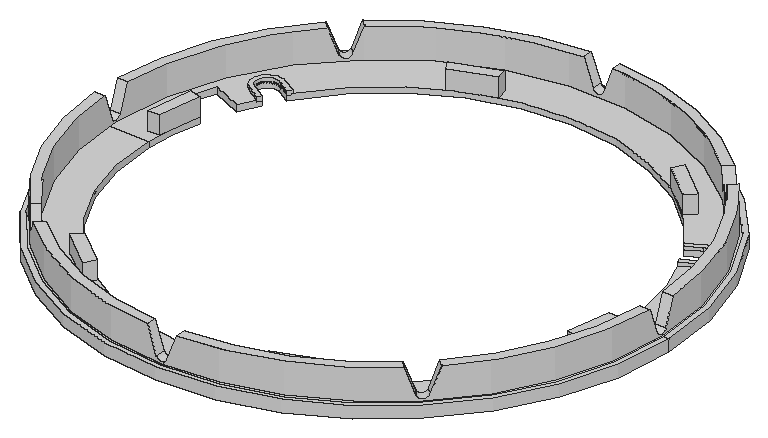
Revit family "A5-C3", category Plumbing Fixtures, Revit 2018
Family settings
  Round Connector Dimension = Use Diameter
  Part Type = Normal
  Work Plane-Based = No
  Always vertical = Yes
  Cut with Voids When Loaded = No
  Shared = No
  Room Calculation Point = No
Parameters (values of type "A5-C3")
  URL = "WWW.MIFAB.COM"
  Model = "A5-C3"
  Manufacturer = "MIFAB"
  Description = "A5-C3 MEMBRANE CLAMP FOR\r\nMEDIUM ROOF DRAINS"
Reference planes (in)
  plane 1 "Center (Front/Back)": y = 0
  plane 2: z = 0
  plane 3 "Center (Left/Right)": x = 0
  plane 4: x = -6
  plane 5: x = 6
  plane 6: y = 6
  plane 7: y = -6
Forms (in)
  Revolve 1, solid, material "Steel"
    sketch origin (0, 0, 0) x (1, 0, 0) y (0, 0, 1)
      loop
        line (6, 0.25) -> (5.90463, 0.25) -> (5.90463, 0.125) -> (4.95936, 0.125) -> (4.95936, 0) -> (6, 0) -> (6, 0.25)
      axis (0, 0.25) -> (0, 0)
    angle from 0 to 360
  Extrusion 2, solid, material "Steel"
    sketch origin (0, 0, 0) x (1, 0, 0) y (0, 1, 0)
      loop
        line (0.22227, -4.95232) -> (0.22227, -5.26584)
        arc (0.22227, -5.26584) -> (0, -5.48812) -> (-0.22227, -5.26584) r 0.22227
        line (-0.22227, -5.26584) -> (-0.22227, -4.95232)
        arc (-0.22227, -4.95232) -> (-0.2692, -4.9475) -> (-0.31602, -4.94176) r 2.40463
        line (-0.31602, -4.94176) -> (-0.31602, -5.26584)
        arc (-0.31602, -5.26584) -> (0, -5.58187) -> (0.31602, -5.26584) r 0.31602
        line (0.31602, -5.26584) -> (0.31602, -4.94176)
        arc (0.31602, -4.94176) -> (0.2692, -4.9475) -> (0.22227, -4.95232) r 2.40463
    from 0.09375 to 0.19243
  Extrusion 3, void
    sketch origin (0, 0, 0) x (1, 0, 0) y (0, 1, 0)
      loop
        line (-0.22227, -4.7025) -> (-0.22227, -5.26584)
        arc (-0.22227, -5.26584) -> (0, -5.48812) -> (0.22227, -5.26584) r 0.22227
        line (0.22227, -5.26584) -> (0.22227, -4.6905)
        arc (0.22227, -4.6905) -> (0.00028, -4.7068) -> (-0.22227, -4.7025) r 2.40463
    from 0 to 0.14825
  Extrusion 4, solid, material "Steel"
    sketch origin (0, 0, 0) x (-0.5, 0.866025, 0) y (-0.866025, -0.5, 0)
      loop
        line (0.22227, -4.95232) -> (0.22227, -5.26584)
        arc (0.22227, -5.26584) -> (0, -5.48812) -> (-0.22227, -5.26584) r 0.22227
        line (-0.22227, -5.26584) -> (-0.22227, -4.95232)
        arc (-0.22227, -4.95232) -> (-0.2692, -4.9475) -> (-0.31602, -4.94176) r 2.40463
        line (-0.31602, -4.94176) -> (-0.31602, -5.26584)
        arc (-0.31602, -5.26584) -> (0, -5.58187) -> (0.31602, -5.26584) r 0.31602
        line (0.31602, -5.26584) -> (0.31602, -4.94176)
        arc (0.31602, -4.94176) -> (0.2692, -4.9475) -> (0.22227, -4.95232) r 2.40463
    from 0.09375 to 0.19243
  Extrusion 5, void
    sketch origin (0, 0, 0) x (-0.5, 0.866025, 0) y (-0.866025, -0.5, 0)
      loop
        line (-0.22227, -4.59549) -> (-0.22227, -5.26584)
        arc (-0.22227, -5.26584) -> (0, -5.48812) -> (0.22227, -5.26584) r 0.22227
        line (0.22227, -5.26584) -> (0.22227, -4.59826)
        arc (0.22227, -4.59826) -> (-0.00006, -4.60717) -> (-0.22227, -4.59549) r 2.40463
    from 0 to 0.19243
  Extrusion 6, solid, material "Steel"
    sketch origin (0, 0, 0) x (0.5, 0.866025, 0) y (-0.866025, 0.5, 0)
      loop
        arc (0.22227, 4.95232) -> (0.2692, 4.9475) -> (0.31602, 4.94176) r 2.40463
        line (0.31602, 4.94176) -> (0.31602, 5.26584)
        arc (0.31602, 5.26584) -> (0, 5.58187) -> (-0.31602, 5.26584) r 0.31602
        line (-0.31602, 5.26584) -> (-0.31602, 4.94176)
        arc (-0.31602, 4.94176) -> (-0.2692, 4.9475) -> (-0.22227, 4.95232) r 2.40463
        line (-0.22227, 4.95232) -> (-0.22227, 5.26584)
        arc (-0.22227, 5.26584) -> (0, 5.48812) -> (0.22227, 5.26584) r 0.22227
        line (0.22227, 5.26584) -> (0.22227, 4.95232)
    from 0.09375 to 0.19243
  Extrusion 7, void
    sketch origin (0, 0, 0) x (0.5, 0.866025, 0) y (-0.866025, 0.5, 0)
      loop
        arc (-0.22227, 4.79962) -> (-0.00012, 4.81247) -> (0.22227, 4.80473) r 2.40463
        line (0.22227, 4.80473) -> (0.22227, 5.26584)
        arc (0.22227, 5.26584) -> (0, 5.48812) -> (-0.22227, 5.26584) r 0.22227
        line (-0.22227, 5.26584) -> (-0.22227, 4.79962)
    from 0 to 0.19243
  Revolve 8, solid, material "Steel"
    sketch origin (0, 0, 0) x (1, 0, 0) y (0, 0, 1)
      loop
        line (-5.64232, 0.25) -> (-5.64232, 0.88105) -> (-5.84874, 0.88105) -> (-5.84874, 0.25) -> (-5.64232, 0.25)
      axis (0, 0.25) -> (0, 0.88105)
    angle from 0 to 360
  Extrusion 9, void
    sketch origin (0, 0, 0.03125) x (0, 1, 0) y (0, 0, 1)
      loop
        arc (-0.11662, 0.32883) -> (0, 0.24717) -> (0.11662, 0.32883) r 0.12411
        line (0.11662, 0.32883) -> (0.31761, 0.88105) -> (-0.31761, 0.88105) -> (-0.11662, 0.32883)
    from 5.42052 to 5.87995
  Extrusion 10, void
    sketch origin (0, 0, 0.03125) x (0.707107, 0.707107, 0) y (0, 0, 1)
      loop
        arc (-0.11662, 0.32883) -> (0, 0.24717) -> (0.11662, 0.32883) r 0.12411
        line (0.11662, 0.32883) -> (0.31761, 0.88105) -> (-0.31761, 0.88105) -> (-0.11662, 0.32883)
    from 5.42052 to 5.87995
  Extrusion 11, void
    sketch origin (0, 0, 0.03125) x (-0.707107, 0.707107, 0) y (0, 0, 1)
      loop
        arc (-0.11662, 0.32883) -> (0, 0.24717) -> (0.11662, 0.32883) r 0.12411
        line (0.11662, 0.32883) -> (0.31761, 0.88105) -> (-0.31761, 0.88105) -> (-0.11662, 0.32883)
    from 5.42052 to 5.87995
  Extrusion 12, void
    sketch origin (0, 0, 0.03125) x (-1, 0, 0) y (0, 0, 1)
      loop
        arc (-0.11662, 0.32883) -> (0, 0.24717) -> (0.11662, 0.32883) r 0.12411
        line (0.11662, 0.32883) -> (0.31761, 0.88105) -> (-0.31761, 0.88105) -> (-0.11662, 0.32883)
    from 5.42052 to 5.87995
  Extrusion 13, void
    sketch origin (0, 0, 0.03125) x (-0.707107, -0.707107, 0) y (0, 0, 1)
      loop
        arc (-0.11662, 0.32883) -> (0, 0.24717) -> (0.11662, 0.32883) r 0.12411
        line (0.11662, 0.32883) -> (0.31761, 0.88105) -> (-0.31761, 0.88105) -> (-0.11662, 0.32883)
    from 5.42052 to 5.87995
  Extrusion 14, void
    sketch origin (0, 0, 0.03125) x (0, -1, 0) y (0, 0, 1)
      loop
        arc (-0.11662, 0.32883) -> (0, 0.24717) -> (0.11662, 0.32883) r 0.12411
        line (0.11662, 0.32883) -> (0.31761, 0.88105) -> (-0.31761, 0.88105) -> (-0.11662, 0.32883)
    from 5.42052 to 5.87995
  Extrusion 15, void
    sketch origin (0, 0, 0.03125) x (0.707107, -0.707107, 0) y (0, 0, 1)
      loop
        arc (-0.11662, 0.32883) -> (0, 0.24717) -> (0.11662, 0.32883) r 0.12411
        line (0.11662, 0.32883) -> (0.31761, 0.88105) -> (-0.31761, 0.88105) -> (-0.11662, 0.32883)
    from 5.42052 to 5.87995
  Extrusion 16, void
    sketch origin (0, 0, 0.03125) x (1, 0, 0) y (0, 0, 1)
      loop
        arc (-0.11662, 0.32883) -> (0, 0.24717) -> (0.11662, 0.32883) r 0.12411
        line (0.11662, 0.32883) -> (0.31761, 0.88105) -> (-0.31761, 0.88105) -> (-0.11662, 0.32883)
    from 5.42052 to 5.87995
  Extrusion 17, void
    sketch origin (0, 0, 0) x (1, 0, 0) y (0, 1, 0)
      loop
        line (-4.59141, 1.8746) -> (-5.22371, 2.13275)
        arc (-5.22371, 2.13275) -> (-5.36623, 1.74338) -> (-5.47977, 1.34459) r 5.64232
        line (-5.47977, 1.34459) -> (-4.81648, 1.18183)
        arc (-4.81648, 1.18183) -> (-4.71668, 1.53235) -> (-4.59141, 1.8746) r 4.95936
    from -0.11431 to 0.25
  Extrusion 18, solid, material "Steel"
    sketch origin (0, 0, 0) x (1, 0, 0) y (0, 1, 0)
      loop
        line (-4.81648, 1.18183) -> (-5.05117, 1.24257)
        arc (-5.05117, 1.24257) -> (-5.15006, 0.76462) -> (-5.20149, 0.27925) r 4.95936
        line (-5.20149, 0.27925) -> (-4.95149, 0.27925)
        arc (-4.95149, 0.27925) -> (-4.90479, 0.73366) -> (-4.81648, 1.18183) r 4.95936
    from 0.125 to 0.5033
  Extrusion 19, solid, material "Steel"
    sketch origin (0, 0, 0) x (0.5, -0.866025, 0) y (0.866025, 0.5, 0)
      loop
        line (-4.81648, 1.18183) -> (-5.05117, 1.24257)
        arc (-5.05117, 1.24257) -> (-5.15006, 0.76462) -> (-5.20149, 0.27925) r 4.95936
        line (-5.20149, 0.27925) -> (-4.95149, 0.27925)
        arc (-4.95149, 0.27925) -> (-4.90479, 0.73366) -> (-4.81648, 1.18183) r 4.95936
    from 0.125 to 0.5033
  Extrusion 20, solid, material "Steel"
    sketch origin (0, 0, 0) x (0.5, 0.866025, 0) y (-0.866025, 0.5, 0)
      loop
        line (-4.81648, 1.18183) -> (-5.05117, 1.24257)
        arc (-5.05117, 1.24257) -> (-5.15006, 0.76462) -> (-5.20149, 0.27925) r 4.95936
        line (-5.20149, 0.27925) -> (-4.95149, 0.27925)
        arc (-4.95149, 0.27925) -> (-4.90479, 0.73366) -> (-4.81648, 1.18183) r 4.95936
    from 0.125 to 0.5033
  Extrusion 21, solid, material "Steel"
    sketch origin (0, 0, 0) x (-0.5, 0.866025, 0) y (-0.866025, -0.5, 0)
      loop
        line (-4.81648, 1.18183) -> (-5.05117, 1.24257)
        arc (-5.05117, 1.24257) -> (-5.15006, 0.76462) -> (-5.20149, 0.27925) r 4.95936
        line (-5.20149, 0.27925) -> (-4.95149, 0.27925)
        arc (-4.95149, 0.27925) -> (-4.90479, 0.73366) -> (-4.81648, 1.18183) r 4.95936
    from 0.125 to 0.5033
  Extrusion 22, solid, material "Steel"
    sketch origin (0, 0, 0) x (-1, 0, 0) y (0, -1, 0)
      loop
        line (-4.81648, 1.18183) -> (-5.05117, 1.24257)
        arc (-5.05117, 1.24257) -> (-5.15006, 0.76462) -> (-5.20149, 0.27925) r 4.95936
        line (-5.20149, 0.27925) -> (-4.95149, 0.27925)
        arc (-4.95149, 0.27925) -> (-4.90479, 0.73366) -> (-4.81648, 1.18183) r 4.95936
    from 0.125 to 0.5033
  Extrusion 23, solid, material "Steel"
    sketch origin (0, 0, 0) x (-0.5, -0.866025, 0) y (0.866025, -0.5, 0)
      loop
        line (-4.81648, 1.18183) -> (-5.05117, 1.24257)
        arc (-5.05117, 1.24257) -> (-5.15006, 0.76462) -> (-5.20149, 0.27925) r 4.95936
        line (-5.20149, 0.27925) -> (-4.95149, 0.27925)
        arc (-4.95149, 0.27925) -> (-4.90479, 0.73366) -> (-4.81648, 1.18183) r 4.95936
    from 0.125 to 0.5033
  Extrusion 24, void
    sketch origin (-0.10194, -0.00427, 0) x (-0.81203, 0.583616, 0) y (-0.583616, -0.81203, 0)
      loop
        arc (-4.68219, -1.91166) -> (-4.80766, -1.56201) -> (-4.9066, -1.20395) r 4.95936
        line (-4.9066, -1.20395) -> (-5.5776, -1.36859)
        arc (-5.5776, -1.36859) -> (-5.46474, -1.77548) -> (-5.32182, -2.17281) r 5.65023
        line (-5.32182, -2.17281) -> (-4.68219, -1.91166)
    from -0.11431 to 0.25
Cuts and joins
  Extrusion 3, Extrusion 5, Extrusion 7, Extrusion 17, Extrusion 24 cuts Revolve 1
  Extrusion 3, Extrusion 5, Extrusion 24 cuts Extrusion 2
  joined: Revolve 1, Extrusion 2
  Extrusion 7 cuts Extrusion 4
  Extrusion 7 cuts Extrusion 6
  Extrusion 9, Extrusion 10, Extrusion 11, Extrusion 12, Extrusion 13, Extrusion 14, Extrusion 15, Extrusion 16 cuts Revolve 8
Dimensions and locks (in)
  plane 4 to plane 5 = 1' - 0"
  plane 6 to plane 7 = 1' - 0"
  aligned and locked: level to plane 2
